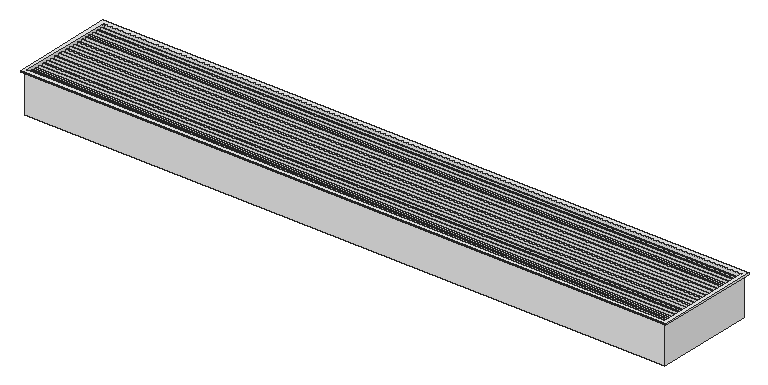
Revit family "DC_Holyoake_MEQ_LD-615SD-PMF_13", category Air Terminals, host Face, Revit 2014
Parameters (values of type "LD-615SD-PMF")
  Width LD [instance] = 150.0 mm
  URL = "http://www.holyoake.com"
  Type Comments = "Fineline Diffuser Series LD linear bar grilles"  # constant formula
  Static Pressure Min = 4.00 Pa
  Static Pressure Max = 78.00 Pa
  Noise Level NC Min = "< 10 NC"
  Noise Level NC Max = "53 NC"
  Model = "LD-615SD-PMF"  # constant formula
  Min Flow = 30 L/s  # constant formula
  Max Flow = 2600 L/s  # constant formula
  Material Face = Holyoake-Aluminium
  Material Body = Holyoake-Aluminium
  Manufacturer = "Holyoake"  # constant formula
  Length LD [instance] = 1000.0 mm
  Holyoake Product Range = "Holyoake Fineline Diffusers"  # constant formula
  Flow = 0 L/s
  Description = "Flangeless Linear Bar Diffuser with Vertical Rear Deflector Blades shall be Holyoake Model LD615SD-PMF with Horizontal Front Linear Bars of 3.25mm at 12.5mm centres set at 0 Degree deflection. \r\nRear vertical deflection blades shall be individually adjustable airfoil type. Flangeless Linear Bar Diffusers shall be of extruded aluminium construction to the sizes as documented and supplied with the Integral Plaster Mounting Frame (PMF) System. Linear Supply Air Diffusers shall be finished in powdercoat and fitted with accessories and dampers where indicated as manufactured by Holyoake."  # constant formula
  Default Elevation = 0.0 mm
  Array Number [instance] = ((Width LD - 25.4 mm) / 6.4 mm) - 0.9  # 19
Reference planes
  plane 1 "Center (Front/Back)": y = 0
  plane 2: z = 0
  plane 3 "Center (Left/Right)": x = 0
  plane 4: x = -500
  plane 5: x = 500
  plane 6: y = 75
  plane 7: y = -75
Forms (mm)
  Sweep 1, solid, material "Holyoake-Aluminium" <- "Material Body", detail levels fine
    path origin (0, 0, 0) x (1, 0, 0) y (0, 1, 0)
      loop
        line (-500, 75) -> (-500, -75) -> (500, -75) -> (500, 75) -> (-500, 75)
    profile origin (0, 75, 0) x (0, 1, 0) y (0, 0, 1)
      loop
        line (2, 0) -> (6, 0) -> (6, 2) -> (0, 2) -> (0, -60) -> (2, -60) -> (2, 0)
  Extrusion 2, void
    sketch origin (0, 0, 0) x (1, 0, 0) y (0, 1, 0)
      loop
        line (-500, 75) -> (-500, -75) -> (500, -75) -> (500, 75) -> (-500, 75)
    from 0 to -1000
Cuts and joins
  Extrusion 2 cuts Sweep 1
Lines and regions (mm)
  reference lines
    curve 1: line (-590.798, 68.65, 0) -> (-485.798, 68.65, 0)
    curve 2: line (-590.798, -68.65, 0) -> (-490.798, -68.65, 0)
  symbolic lines, style "Holyoake - Linear Diffusers", detail levels coarse+medium
    curve 3: line (-519, 94, 0) -> (519, 94, 0)
    curve 4: line (-519, -94, 0) -> (-519, 94, 0)
    curve 5: line (519, -94, 0) -> (-519, -94, 0)
    curve 6: line (519, 94, 0) -> (519, -94, 0)
    curve 7: line (500, -75, 0) -> (-500, -75, 0)
    curve 8: line (500, 75, 0) -> (500, -75, 0)
    curve 9: line (-500, 75, 0) -> (500, 75, 0)
    curve 10: line (-500, -75, 0) -> (-500, 75, 0)
    curve 11: line (-502, 0, -60) -> (502, 0, -60)
    curve 12: line (-502, 0, 2) -> (-502, 0, -60)
    curve 13: line (502, 0, 2) -> (-502, 0, 2)
    curve 14: line (502, 0, -60) -> (502, 0, 2)
    curve 15: line (0, 77, -60) -> (0, -77, -60)
    curve 16: line (0, 77, 2) -> (0, 77, -60)
    curve 17: line (0, -77, 2) -> (0, 77, 2)
    curve 18: line (0, -77, -60) -> (0, -77, 2)
Dimensions and locks
  equal spacing: plane 6, plane 1 "Center (Front/Back)", plane 7
  "Width LD": plane 6 to plane 7
  "Length LD": plane 4 to plane 5
  equal spacing: plane 4, plane 3 "Center (Left/Right)", plane 5
  locked: plane 6 to curve 1 at 6.35
  locked: curve 2 to plane 7 at 6.35
  equal spacing: group 1, group 3, group 4, group 5, group 6, group 7, group 8, group 9, group 10, group 11, group 12, group 13, group 14, group 15, group 16, group 17, group 18, group 19, group 2  (x2)
  equal spacing: group 2, group 19, group 18, group 17, group 16, group 15, group 14, group 13, group 12, group 11, group 10, group 9, group 8, group 7, group 6, group 5, group 4, group 3, group 1
  aligned and locked: plane 2 to host face
  aligned and locked: level to host face
  aligned and locked: plane 4 to Sweep 1 sketch curve
  aligned and locked: Sweep 1 sketch curve to plane 6
  aligned and locked: plane 7 to Sweep 1 sketch curve
  aligned and locked: Sweep 1 sketch curve to plane 5
  aligned and locked: plane 4 to nested 1
  aligned and locked: plane 4 to Sweep 1
  aligned and locked: nested 1 to curve 1
  aligned and locked: Sweep 1 to level
  aligned and locked: curve 2 to nested 2
  aligned and locked: plane 4 to nested 2
  aligned and locked: Extrusion 2 sketch curve to Sweep 1  (x3)
  aligned and locked: Sweep 1 to Extrusion 2 sketch curve
  aligned and locked: curve 7 to cut or joined group of Sweep 1, Extrusion 2  (x2)
  aligned and locked: cut or joined group of Sweep 1, Extrusion 2 to curve 10
  aligned and locked: curve 10 to cut or joined group of Sweep 1, Extrusion 2
  aligned and locked: cut or joined group of Sweep 1, Extrusion 2 to curve 11
  aligned and locked: curve 11 to cut or joined group of Sweep 1, Extrusion 2
  aligned and locked: curve 14 to cut or joined group of Sweep 1, Extrusion 2
  aligned and locked: cut or joined group of Sweep 1, Extrusion 2 to curve 13
  aligned and locked: cut or joined group of Sweep 1, Extrusion 2 to curve 15
  aligned and locked: curve 15 to cut or joined group of Sweep 1, Extrusion 2
  aligned and locked: curve 18 to cut or joined group of Sweep 1, Extrusion 2
  aligned and locked: curve 17 to cut or joined group of Sweep 1, Extrusion 2
Automatic sketch dimensions
  Sweep 1 sketch curve to level = 0.0 mm
  Sweep 1 sketch curve to profile plane = 0.0 mm
  Sweep 1 sketch curve to Sweep 1 sketch curve = 2.0 mm
  Sweep 1 sketch curve to Sweep 1 sketch curve = 4.0 mm
  Sweep 1 sketch curve to Sweep 1 sketch curve = 60.0 mm
  level to Sweep 1 sketch curve = 2.0 mm
  host sketch curve to host sketch curve = 1317.559 mm
  host sketch curve to host sketch curve = 481.337 mm
  curve 2 to plane 4 = 90.798 mm
  curve 1 to curve 2 = 0.0 mm
  plane 4 to curve 2 = 9.202 mm
  plane 4 to curve 1 = 14.202 mm
  curve 3 to plane 4 = 19.0 mm
  plane 5 to curve 5 = 19.0 mm
  curve 6 to plane 7 = 19.0 mm
  plane 6 to curve 4 = 19.0 mm
Nested families
  nested 1: "LD Blade" at (-500, 67.15, 0), Blade Length <- "Length LD", type "LD Blade", detail levels fine
    with Blade Length 1000.0 mm
  nested 2: "LD Blade" at (-500, -68.65, 0), Blade Length <- "Length LD", type "LD Blade", detail levels fine
    with Blade Length 1000.0 mm
  nested 3: "LD Blade" at (-500, 59.606, 0), Blade Length <- "Length LD", type "LD Blade", detail levels fine
    with Blade Length 1000.0 mm
  nested 4: "LD Blade" at (-500, 52.061, 0), Blade Length <- "Length LD", type "LD Blade", detail levels fine
    with Blade Length 1000.0 mm
  nested 5: "LD Blade" at (-500, 44.517, 0), Blade Length <- "Length LD", type "LD Blade", detail levels fine
    with Blade Length 1000.0 mm
  nested 6: "LD Blade" at (-500, 36.972, 0), Blade Length <- "Length LD", type "LD Blade", detail levels fine
    with Blade Length 1000.0 mm
  nested 7: "LD Blade" at (-500, 29.428, 0), Blade Length <- "Length LD", type "LD Blade", detail levels fine
    with Blade Length 1000.0 mm
  nested 8: "LD Blade" at (-500, 21.883, 0), Blade Length <- "Length LD", type "LD Blade", detail levels fine
    with Blade Length 1000.0 mm
  nested 9: "LD Blade" at (-500, 14.339, 0), Blade Length <- "Length LD", type "LD Blade", detail levels fine
    with Blade Length 1000.0 mm
  nested 10: "LD Blade" at (-500, 6.794, 0), Blade Length <- "Length LD", type "LD Blade", detail levels fine
    with Blade Length 1000.0 mm
  nested 11: "LD Blade" at (-500, -0.75, 0), Blade Length <- "Length LD", type "LD Blade", detail levels fine
    with Blade Length 1000.0 mm
  nested 12: "LD Blade" at (-500, -8.294, 0), Blade Length <- "Length LD", type "LD Blade", detail levels fine
    with Blade Length 1000.0 mm
  nested 13: "LD Blade" at (-500, -15.839, 0), Blade Length <- "Length LD", type "LD Blade", detail levels fine
    with Blade Length 1000.0 mm
  nested 14: "LD Blade" at (-500, -23.383, 0), Blade Length <- "Length LD", type "LD Blade", detail levels fine
    with Blade Length 1000.0 mm
  nested 15: "LD Blade" at (-500, -30.928, 0), Blade Length <- "Length LD", type "LD Blade", detail levels fine
    with Blade Length 1000.0 mm
  nested 16: "LD Blade" at (-500, -38.472, 0), Blade Length <- "Length LD", type "LD Blade", detail levels fine
    with Blade Length 1000.0 mm
  nested 17: "LD Blade" at (-500, -46.017, 0), Blade Length <- "Length LD", type "LD Blade", detail levels fine
    with Blade Length 1000.0 mm
  nested 18: "LD Blade" at (-500, -53.561, 0), Blade Length <- "Length LD", type "LD Blade", detail levels fine
    with Blade Length 1000.0 mm
  nested 19: "LD Blade" at (-500, -61.106, 0), Blade Length <- "Length LD", type "LD Blade", detail levels fine
    with Blade Length 1000.0 mm
Definition of nested family "LD Blade"
  Parameters (values of type "LD Blade")
    Blade Material = Holyoake-Aluminium
    Blade Length [instance] = 600.0 mm
    Assembly Code = ""
  Reference planes
    plane 1 "Center (Front/Back)": y = 0
    plane 2: z = 0
    plane 3 "Center (Left/Right)": x = 0
    plane 4: x = 600
  Forms (mm)
    Extrusion 1, solid, material "Holyoake-Aluminium" <- "Blade Material"
      sketch origin (0, -1.042, 0) x (1, 0, 0) y (0, 1, 0)
        loop
          line (0, 1.042) -> (600, 1.042) -> (600, 2.542) -> (0, 2.542) -> (0, 1.042)
      from 0 to -20
  Dimensions and locks
    Extrusion 1 sketch curve to Extrusion 1 sketch curve = 1.5 mm
    "Blade Length": plane 3 "Center (Left/Right)" to plane 4
    locked: plane 1 "Center (Front/Back)" to Extrusion 1 at 1.5
    aligned and locked: plane 1 "Center (Front/Back)" to Extrusion 1
    aligned and locked: Extrusion 1 to plane 3 "Center (Left/Right)"
    aligned and locked: plane 4 to Extrusion 1
  Automatic sketch dimensions
    Extrusion 1 sketch curve to plane 1 "Center (Front/Back)" = 1.5 mm
    Extrusion 1 sketch curve to plane 3 "Center (Left/Right)" = 0.0 mm
    plane 4 to Extrusion 1 sketch curve = 0.0 mm
